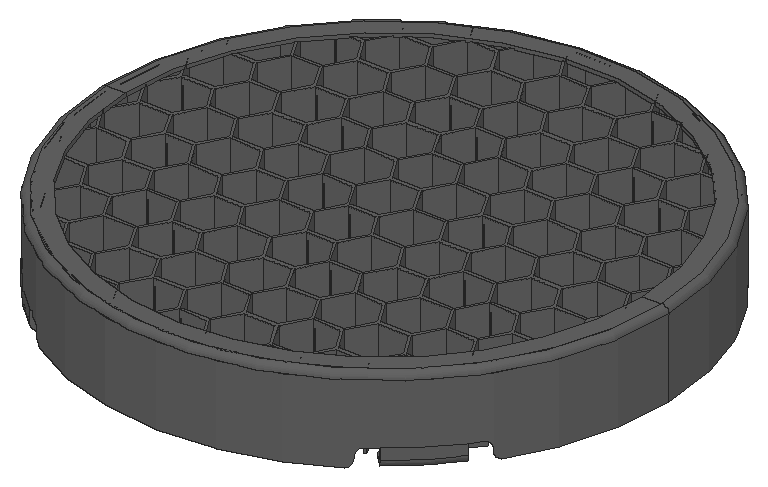
Revit family "STH20916", category Modelos genéricos, Revit 2023
Family settings
  Pode hospedar o vergalhão = Não
  Cota do conector redondo = Utilizar diâmetro
  Tipo de parte = Normal
  Com base no plano de trabalho = Não
  Sempre na vertical = Sim
  Corte com vazios quando carregada = Não
  Manter orientação da anotação = Não
  Compartilhado = Não
  Ponto de cálculo do ambiente = Não
Parameters (values of type "STH20916")
  URL = "https://stella.com.br/"
  Referência = "STH20916"
  Modelo = "Kit Grade"
  Fabricante = "Stella"
  Estrutura = Al - Preto
  Elevação padrão = 0.00 m
  Diâmetro = 0.0495 m
  Comentários de tipos = "Para Square MR16"
  Altura = 0.00745 m
Reference planes (m)
  plane 1 "Centro (Frente/Trás)": y = 0
  plane 2: z = 0
  plane 3 "Centro (Esquerda/Direita)": x = 0
  plane 4: x = 0.02475
  plane 5: x = -0.02475
  plane 6: y = 0.02475
  plane 7: y = -0.02475
  plane 8: z = 0.00745
Forms (m)
  Extrusion 1, solid, material "Al - Preto" <- "Estrutura"
    sketch origin (0, 0, 0) x (1, 0, 0) y (0, 1, 0)
      loop
        line (-0.0246, 0.0246) -> (-0.0246, -0.0246) -> (0.0246, -0.0246) -> (0.0246, 0.0246) -> (-0.0246, 0.0246)
    from 0.0009 to 0.00725
  Extrusion 2, void
    sketch origin (0, 0, 0) x (1, 0, 0) y (0, 1, 0)
      loop
        line (-0.001241, 0.00215) -> (-0.002483, 0) -> (-0.001241, -0.00215) -> (0.001241, -0.00215) -> (0.002483, 0) -> (0.001241, 0.00215) -> (-0.001241, 0.00215)
      loop
        line (-0.001386, 0.0023) -> (-0.002627, 0.00445) -> (-0.005346, 0.00445) -> (-0.006588, 0.0023) -> (-0.005346, 0.00015) -> (-0.002627, 0.00015) -> (-0.001386, 0.0023)
      loop
        line (-0.001241, 0.00675) -> (-0.002483, 0.0046) -> (-0.001241, 0.00245) -> (0.001241, 0.00245) -> (0.002483, 0.0046) -> (0.001241, 0.00675) -> (-0.001241, 0.00675)
      loop
        line (-0.009215, 0.00215) -> (-0.010456, 0) -> (-0.009215, -0.00215) -> (-0.006732, -0.00215) -> (-0.005491, 0) -> (-0.006732, 0.00215) -> (-0.009215, 0.00215)
      loop
        line (-0.009359, 0.0023) -> (-0.0106, 0.00445) -> (-0.013325, 0.00445) -> (-0.014567, 0.0023) -> (-0.013325, 0.00015) -> (-0.0106, 0.00015) -> (-0.009359, 0.0023)
      loop
        line (-0.009215, 0.00675) -> (-0.010456, 0.0046) -> (-0.009215, 0.00245) -> (-0.006732, 0.00245) -> (-0.005491, 0.0046) -> (-0.006732, 0.00675) -> (-0.009215, 0.00675)
      loop
        line (-0.014711, 0.00215) -> (-0.017193, 0.00215) -> (-0.018435, 0) -> (-0.017193, -0.00215) -> (-0.014711, -0.00215) -> (-0.01347, 0) -> (-0.014711, 0.00215)
      loop
        line (-0.017338, 0.0023) -> (-0.018579, 0.00445) -> (-0.021298, 0.00445) -> (-0.02254, 0.0023) -> (-0.021298, 0.00015) -> (-0.018579, 0.00015) -> (-0.017338, 0.0023)
      loop
        line (-0.014711, 0.00675) -> (-0.017193, 0.00675) -> (-0.018435, 0.0046) -> (-0.017193, 0.00245) -> (-0.014711, 0.00245) -> (-0.01347, 0.0046) -> (-0.014711, 0.00675)
      loop
        line (-0.022684, 0.00675) -> (-0.023677, 0.00245) -> (-0.022684, 0.00245) -> (-0.021443, 0.0046) -> (-0.022684, 0.00675)
      loop
        line (-0.009359, -0.0023) -> (-0.0106, -0.00015) -> (-0.013325, -0.00015) -> (-0.014567, -0.0023) -> (-0.013325, -0.00445) -> (-0.0106, -0.00445) -> (-0.009359, -0.0023)
      loop
        line (-0.009359, -0.0069) -> (-0.0106, -0.00475) -> (-0.013325, -0.00475) -> (-0.014567, -0.0069) -> (-0.013325, -0.00905) -> (-0.0106, -0.00905) -> (-0.009359, -0.0069)
      loop
        line (-0.009359, -0.0115) -> (-0.0106, -0.00935) -> (-0.013325, -0.00935) -> (-0.014567, -0.0115) -> (-0.013325, -0.01365) -> (-0.0106, -0.01365) -> (-0.009359, -0.0115)
      loop
        line (-0.009359, 0.0069) -> (-0.0106, 0.00905) -> (-0.013325, 0.00905) -> (-0.014567, 0.0069) -> (-0.013325, 0.00475) -> (-0.0106, 0.00475) -> (-0.009359, 0.0069)
      loop
        line (-0.014711, 0.00705) -> (-0.01347, 0.0092) -> (-0.014711, 0.01135) -> (-0.017193, 0.01135) -> (-0.018435, 0.0092) -> (-0.017193, 0.00705) -> (-0.014711, 0.00705)
      loop
        line (-0.009359, 0.0115) -> (-0.0106, 0.01365) -> (-0.013325, 0.01365) -> (-0.014567, 0.0115) -> (-0.013325, 0.00935) -> (-0.0106, 0.00935) -> (-0.009359, 0.0115)
      loop
        line (-0.014711, 0.01165) -> (-0.01347, 0.0138) -> (-0.014711, 0.01595) -> (-0.017193, 0.01595) -> (-0.018435, 0.0138) -> (-0.017193, 0.01165) -> (-0.014711, 0.01165)
      loop
        line (-0.009215, -0.00245) -> (-0.010456, -0.0046) -> (-0.009215, -0.00675) -> (-0.006732, -0.00675) -> (-0.005491, -0.0046) -> (-0.006732, -0.00245) -> (-0.009215, -0.00245)
      loop
        line (-0.009215, -0.00705) -> (-0.010456, -0.0092) -> (-0.009215, -0.01135) -> (-0.006732, -0.01135) -> (-0.005491, -0.0092) -> (-0.006732, -0.00705) -> (-0.009215, -0.00705)
      loop
        line (-0.009215, -0.01165) -> (-0.010456, -0.0138) -> (-0.009215, -0.01595) -> (-0.006732, -0.01595) -> (-0.005491, -0.0138) -> (-0.006732, -0.01165) -> (-0.009215, -0.01165)
      loop
        line (-0.009215, -0.01625) -> (-0.010456, -0.0184) -> (-0.009215, -0.02055) -> (-0.006732, -0.02055) -> (-0.005491, -0.0184) -> (-0.006732, -0.01625) -> (-0.009215, -0.01625)
      loop
        line (-0.009359, -0.0161) -> (-0.0106, -0.01395) -> (-0.013325, -0.01395) -> (-0.014567, -0.0161) -> (-0.013325, -0.01825) -> (-0.0106, -0.01825) -> (-0.009359, -0.0161)
      loop
        line (-0.022684, -0.00245) -> (-0.023677, -0.00245) -> (-0.022684, -0.00675) -> (-0.021443, -0.0046) -> (-0.022684, -0.00245)
      loop
        line (-0.014711, -0.00675) -> (-0.01347, -0.0046) -> (-0.014711, -0.00245) -> (-0.017193, -0.00245) -> (-0.018435, -0.0046) -> (-0.017193, -0.00675) -> (-0.014711, -0.00675)
      loop
        line (-0.014711, -0.00705) -> (-0.017193, -0.00705) -> (-0.018435, -0.0092) -> (-0.017193, -0.01135) -> (-0.014711, -0.01135) -> (-0.01347, -0.0092) -> (-0.014711, -0.00705)
      loop
        line (-0.017338, -0.0023) -> (-0.018579, -0.00015) -> (-0.021298, -0.00015) -> (-0.02254, -0.0023) -> (-0.021298, -0.00445) -> (-0.018579, -0.00445) -> (-0.017338, -0.0023)
      loop
        line (-0.022546, -0.0069) -> (-0.021304, -0.00905) -> (-0.018579, -0.00905) -> (-0.017338, -0.0069) -> (-0.018579, -0.00475) -> (-0.021304, -0.00475) -> (-0.022546, -0.0069)
      loop
        line (-0.014711, -0.01165) -> (-0.017193, -0.01165) -> (-0.018435, -0.0138) -> (-0.017193, -0.01595) -> (-0.014711, -0.01595) -> (-0.01347, -0.0138) -> (-0.014711, -0.01165)
      loop
        line (-0.022546, 0.0069) -> (-0.021304, 0.00475) -> (-0.018579, 0.00475) -> (-0.017338, 0.0069) -> (-0.018579, 0.00905) -> (-0.021304, 0.00905) -> (-0.022546, 0.0069)
      loop
        line (-0.006588, -0.0023) -> (-0.005346, -0.00445) -> (-0.002621, -0.00445) -> (-0.00138, -0.0023) -> (-0.002621, -0.00015) -> (-0.005346, -0.00015) -> (-0.006588, -0.0023)
      loop
        line (-0.006588, -0.0069) -> (-0.005346, -0.00905) -> (-0.002621, -0.00905) -> (-0.00138, -0.0069) -> (-0.002621, -0.00475) -> (-0.005346, -0.00475) -> (-0.006588, -0.0069)
      loop
        line (-0.006588, -0.0115) -> (-0.005346, -0.01365) -> (-0.002621, -0.01365) -> (-0.00138, -0.0115) -> (-0.002621, -0.00935) -> (-0.005346, -0.00935) -> (-0.006588, -0.0115)
      loop
        line (-0.006588, -0.0161) -> (-0.005346, -0.01825) -> (-0.002621, -0.01825) -> (-0.00138, -0.0161) -> (-0.002621, -0.01395) -> (-0.005346, -0.01395) -> (-0.006588, -0.0161)
      loop
        line (-0.006588, -0.0207) -> (-0.005346, -0.02285) -> (-0.002621, -0.02285) -> (-0.00138, -0.0207) -> (-0.002621, -0.01855) -> (-0.005346, -0.01855) -> (-0.006588, -0.0207)
      loop
        line (-0.006588, 0.0069) -> (-0.005346, 0.00475) -> (-0.002621, 0.00475) -> (-0.00138, 0.0069) -> (-0.002621, 0.00905) -> (-0.005346, 0.00905) -> (-0.006588, 0.0069)
      loop
        line (-0.006588, 0.0115) -> (-0.005346, 0.00935) -> (-0.002621, 0.00935) -> (-0.00138, 0.0115) -> (-0.002621, 0.01365) -> (-0.005346, 0.01365) -> (-0.006588, 0.0115)
      loop
        line (-0.006588, 0.0161) -> (-0.005346, 0.01395) -> (-0.002621, 0.01395) -> (-0.00138, 0.0161) -> (-0.002621, 0.01825) -> (-0.005346, 0.01825) -> (-0.006588, 0.0161)
      loop
        line (-0.006588, 0.0207) -> (-0.005346, 0.01855) -> (-0.002621, 0.01855) -> (-0.00138, 0.0207) -> (-0.002621, 0.02285) -> (-0.005346, 0.02285) -> (-0.006588, 0.0207)
      loop
        line (-0.009215, 0.00705) -> (-0.006732, 0.00705) -> (-0.005491, 0.0092) -> (-0.006732, 0.01135) -> (-0.009215, 0.01135) -> (-0.010456, 0.0092) -> (-0.009215, 0.00705)
      loop
        line (-0.009215, 0.01165) -> (-0.006732, 0.01165) -> (-0.005491, 0.0138) -> (-0.006732, 0.01595) -> (-0.009215, 0.01595) -> (-0.010456, 0.0138) -> (-0.009215, 0.01165)
      loop
        line (-0.009215, 0.01625) -> (-0.006732, 0.01625) -> (-0.005491, 0.0184) -> (-0.006732, 0.02055) -> (-0.009215, 0.02055) -> (-0.010456, 0.0184) -> (-0.009215, 0.01625)
      loop
        line (-0.009359, 0.0161) -> (-0.0106, 0.01825) -> (-0.013325, 0.01825) -> (-0.014567, 0.0161) -> (-0.013325, 0.01395) -> (-0.0106, 0.01395) -> (-0.009359, 0.0161)
      loop
        line (0.001386, 0.0023) -> (0.002627, 0.00015) -> (0.005346, 0.00015) -> (0.006588, 0.0023) -> (0.005346, 0.00445) -> (0.002627, 0.00445) -> (0.001386, 0.0023)
      loop
        line (0.009215, 0.00215) -> (0.006732, 0.00215) -> (0.005491, 0) -> (0.006732, -0.00215) -> (0.009215, -0.00215) -> (0.010456, 0) -> (0.009215, 0.00215)
      loop
        line (0.009359, 0.0023) -> (0.0106, 0.00015) -> (0.013325, 0.00015) -> (0.014567, 0.0023) -> (0.013325, 0.00445) -> (0.0106, 0.00445) -> (0.009359, 0.0023)
      loop
        line (0.009215, 0.00675) -> (0.006732, 0.00675) -> (0.005491, 0.0046) -> (0.006732, 0.00245) -> (0.009215, 0.00245) -> (0.010456, 0.0046) -> (0.009215, 0.00675)
      loop
        line (0.014711, 0.00215) -> (0.01347, 0) -> (0.014711, -0.00215) -> (0.017193, -0.00215) -> (0.018435, 0) -> (0.017193, 0.00215) -> (0.014711, 0.00215)
      loop
        line (0.017338, 0.0023) -> (0.018579, 0.00015) -> (0.021298, 0.00015) -> (0.02254, 0.0023) -> (0.021298, 0.00445) -> (0.018579, 0.00445) -> (0.017338, 0.0023)
      loop
        line (0.014711, 0.00675) -> (0.01347, 0.0046) -> (0.014711, 0.00245) -> (0.017193, 0.00245) -> (0.018435, 0.0046) -> (0.017193, 0.00675) -> (0.014711, 0.00675)
      loop
        line (0.022684, 0.00675) -> (0.021443, 0.0046) -> (0.022684, 0.00245) -> (0.023677, 0.00245) -> (0.022684, 0.00675)
      loop
        line (0.009359, -0.0023) -> (0.0106, -0.00445) -> (0.013325, -0.00445) -> (0.014567, -0.0023) -> (0.013325, -0.00015) -> (0.0106, -0.00015) -> (0.009359, -0.0023)
      loop
        line (0.009359, -0.0069) -> (0.0106, -0.00905) -> (0.013325, -0.00905) -> (0.014567, -0.0069) -> (0.013325, -0.00475) -> (0.0106, -0.00475) -> (0.009359, -0.0069)
      loop
        line (0.009359, -0.0115) -> (0.0106, -0.01365) -> (0.013325, -0.01365) -> (0.014567, -0.0115) -> (0.013325, -0.00935) -> (0.0106, -0.00935) -> (0.009359, -0.0115)
      loop
        line (0.009359, 0.0069) -> (0.0106, 0.00475) -> (0.013325, 0.00475) -> (0.014567, 0.0069) -> (0.013325, 0.00905) -> (0.0106, 0.00905) -> (0.009359, 0.0069)
      loop
        line (0.014711, 0.00705) -> (0.017193, 0.00705) -> (0.018435, 0.0092) -> (0.017193, 0.01135) -> (0.014711, 0.01135) -> (0.01347, 0.0092) -> (0.014711, 0.00705)
      loop
        line (0.009359, 0.0115) -> (0.0106, 0.00935) -> (0.013325, 0.00935) -> (0.014567, 0.0115) -> (0.013325, 0.01365) -> (0.0106, 0.01365) -> (0.009359, 0.0115)
      loop
        line (0.014711, 0.01165) -> (0.017193, 0.01165) -> (0.018435, 0.0138) -> (0.017193, 0.01595) -> (0.014711, 0.01595) -> (0.01347, 0.0138) -> (0.014711, 0.01165)
      loop
        line (0.009215, -0.00245) -> (0.006732, -0.00245) -> (0.005491, -0.0046) -> (0.006732, -0.00675) -> (0.009215, -0.00675) -> (0.010456, -0.0046) -> (0.009215, -0.00245)
      loop
        line (0.009215, -0.00705) -> (0.006732, -0.00705) -> (0.005491, -0.0092) -> (0.006732, -0.01135) -> (0.009215, -0.01135) -> (0.010456, -0.0092) -> (0.009215, -0.00705)
      loop
        line (0.009215, -0.01165) -> (0.006732, -0.01165) -> (0.005491, -0.0138) -> (0.006732, -0.01595) -> (0.009215, -0.01595) -> (0.010456, -0.0138) -> (0.009215, -0.01165)
      loop
        line (0.009215, -0.01625) -> (0.006732, -0.01625) -> (0.005491, -0.0184) -> (0.006732, -0.02055) -> (0.009215, -0.02055) -> (0.010456, -0.0184) -> (0.009215, -0.01625)
      loop
        line (0.009359, -0.0161) -> (0.0106, -0.01825) -> (0.013325, -0.01825) -> (0.014567, -0.0161) -> (0.013325, -0.01395) -> (0.0106, -0.01395) -> (0.009359, -0.0161)
      loop
        line (0.014711, -0.00675) -> (0.017193, -0.00675) -> (0.018435, -0.0046) -> (0.017193, -0.00245) -> (0.014711, -0.00245) -> (0.01347, -0.0046) -> (0.014711, -0.00675)
      loop
        line (0.014711, -0.00705) -> (0.01347, -0.0092) -> (0.014711, -0.01135) -> (0.017193, -0.01135) -> (0.018435, -0.0092) -> (0.017193, -0.00705) -> (0.014711, -0.00705)
      loop
        line (0.017338, -0.0023) -> (0.018579, -0.00445) -> (0.021298, -0.00445) -> (0.02254, -0.0023) -> (0.021298, -0.00015) -> (0.018579, -0.00015) -> (0.017338, -0.0023)
      loop
        line (0.022546, -0.0069) -> (0.021304, -0.00475) -> (0.018579, -0.00475) -> (0.017338, -0.0069) -> (0.018579, -0.00905) -> (0.021304, -0.00905) -> (0.022546, -0.0069)
      loop
        line (0.014711, -0.01165) -> (0.01347, -0.0138) -> (0.014711, -0.01595) -> (0.017193, -0.01595) -> (0.018435, -0.0138) -> (0.017193, -0.01165) -> (0.014711, -0.01165)
      loop
        line (0.022546, 0.0069) -> (0.021304, 0.00905) -> (0.018579, 0.00905) -> (0.017338, 0.0069) -> (0.018579, 0.00475) -> (0.021304, 0.00475) -> (0.022546, 0.0069)
      loop
        line (0.006588, -0.0023) -> (0.005346, -0.00015) -> (0.002621, -0.00015) -> (0.00138, -0.0023) -> (0.002621, -0.00445) -> (0.005346, -0.00445) -> (0.006588, -0.0023)
      loop
        line (0.006588, -0.0069) -> (0.005346, -0.00475) -> (0.002621, -0.00475) -> (0.00138, -0.0069) -> (0.002621, -0.00905) -> (0.005346, -0.00905) -> (0.006588, -0.0069)
      loop
        line (0.006588, -0.0115) -> (0.005346, -0.00935) -> (0.002621, -0.00935) -> (0.00138, -0.0115) -> (0.002621, -0.01365) -> (0.005346, -0.01365) -> (0.006588, -0.0115)
      loop
        line (0.006588, -0.0161) -> (0.005346, -0.01395) -> (0.002621, -0.01395) -> (0.00138, -0.0161) -> (0.002621, -0.01825) -> (0.005346, -0.01825) -> (0.006588, -0.0161)
      loop
        line (0.006588, -0.0207) -> (0.005346, -0.01855) -> (0.002621, -0.01855) -> (0.00138, -0.0207) -> (0.002621, -0.02285) -> (0.005346, -0.02285) -> (0.006588, -0.0207)
      loop
        line (0.006588, 0.0069) -> (0.005346, 0.00905) -> (0.002621, 0.00905) -> (0.00138, 0.0069) -> (0.002621, 0.00475) -> (0.005346, 0.00475) -> (0.006588, 0.0069)
      loop
        line (0.006588, 0.0115) -> (0.005346, 0.01365) -> (0.002621, 0.01365) -> (0.00138, 0.0115) -> (0.002621, 0.00935) -> (0.005346, 0.00935) -> (0.006588, 0.0115)
      loop
        line (0.006588, 0.0161) -> (0.005346, 0.01825) -> (0.002621, 0.01825) -> (0.00138, 0.0161) -> (0.002621, 0.01395) -> (0.005346, 0.01395) -> (0.006588, 0.0161)
      loop
        line (0.006588, 0.0207) -> (0.005346, 0.02285) -> (0.002621, 0.02285) -> (0.00138, 0.0207) -> (0.002621, 0.01855) -> (0.005346, 0.01855) -> (0.006588, 0.0207)
      loop
        line (0.009215, 0.00705) -> (0.010456, 0.0092) -> (0.009215, 0.01135) -> (0.006732, 0.01135) -> (0.005491, 0.0092) -> (0.006732, 0.00705) -> (0.009215, 0.00705)
      loop
        line (0.009215, 0.01165) -> (0.010456, 0.0138) -> (0.009215, 0.01595) -> (0.006732, 0.01595) -> (0.005491, 0.0138) -> (0.006732, 0.01165) -> (0.009215, 0.01165)
      loop
        line (0.009215, 0.01625) -> (0.010456, 0.0184) -> (0.009215, 0.02055) -> (0.006732, 0.02055) -> (0.005491, 0.0184) -> (0.006732, 0.01625) -> (0.009215, 0.01625)
      loop
        line (0.009359, 0.0161) -> (0.0106, 0.01395) -> (0.013325, 0.01395) -> (0.014567, 0.0161) -> (0.013325, 0.01825) -> (0.0106, 0.01825) -> (0.009359, 0.0161)
      loop
        line (0.001247, -0.00245) -> (-0.001236, -0.00245) -> (-0.002477, -0.0046) -> (-0.001236, -0.00675) -> (0.001247, -0.00675) -> (0.002488, -0.0046) -> (0.001247, -0.00245)
      loop
        line (0.001247, -0.00705) -> (-0.001236, -0.00705) -> (-0.002477, -0.0092) -> (-0.001236, -0.01135) -> (0.001247, -0.01135) -> (0.002488, -0.0092) -> (0.001247, -0.00705)
      loop
        line (0.001247, -0.01165) -> (-0.001236, -0.01165) -> (-0.002477, -0.0138) -> (-0.001236, -0.01595) -> (0.001247, -0.01595) -> (0.002488, -0.0138) -> (0.001247, -0.01165)
      loop
        line (0.001247, -0.01625) -> (-0.001236, -0.01625) -> (-0.002477, -0.0184) -> (-0.001236, -0.02055) -> (0.001247, -0.02055) -> (0.002488, -0.0184) -> (0.001247, -0.01625)
      loop
        line (0.001247, 0.00705) -> (0.002488, 0.0092) -> (0.001247, 0.01135) -> (-0.001236, 0.01135) -> (-0.002477, 0.0092) -> (-0.001236, 0.00705) -> (0.001247, 0.00705)
      loop
        line (0.001247, 0.01165) -> (0.002488, 0.0138) -> (0.001247, 0.01595) -> (-0.001236, 0.01595) -> (-0.002477, 0.0138) -> (-0.001236, 0.01165) -> (0.001247, 0.01165)
      loop
        line (0.001247, 0.01625) -> (0.002488, 0.0184) -> (0.001247, 0.02055) -> (-0.001236, 0.02055) -> (-0.002477, 0.0184) -> (-0.001236, 0.01625) -> (0.001247, 0.01625)
      loop
        line (-0.025167, 0.00215) -> (-0.026408, 0) -> (-0.025167, -0.00215) -> (-0.022684, -0.00215) -> (-0.021443, 0) -> (-0.022684, 0.00215) -> (-0.025167, 0.00215)
      loop
        line (0.025167, 0.00215) -> (0.022684, 0.00215) -> (0.021443, 0) -> (0.022684, -0.00215) -> (0.025167, -0.00215) -> (0.026408, 0) -> (0.025167, 0.00215)
      loop
        line (0.001247, 0.02515) -> (-0.001236, 0.02515) -> (-0.002477, 0.023) -> (-0.001236, 0.02085) -> (0.001247, 0.02085) -> (0.002488, 0.023) -> (0.001247, 0.02515)
      loop
        line (0.001247, -0.02515) -> (0.002488, -0.023) -> (0.001247, -0.02085) -> (-0.001236, -0.02085) -> (-0.002477, -0.023) -> (-0.001236, -0.02515) -> (0.001247, -0.02515)
      loop
        line (-0.022546, 0.0115) -> (-0.021304, 0.00935) -> (-0.018579, 0.00935) -> (-0.017338, 0.0115) -> (-0.018579, 0.01365) -> (-0.021304, 0.01365) -> (-0.022546, 0.0115)
      loop
        line (0.022557, 0.0115) -> (0.021316, 0.01365) -> (0.018591, 0.01365) -> (0.017349, 0.0115) -> (0.018591, 0.00935) -> (0.021316, 0.00935) -> (0.022557, 0.0115)
      loop
        line (-0.014711, 0.01625) -> (-0.01347, 0.0184) -> (-0.014711, 0.02055) -> (-0.017193, 0.02055) -> (-0.018435, 0.0184) -> (-0.017193, 0.01625) -> (-0.014711, 0.01625)
      loop
        line (0.014711, 0.01625) -> (0.017193, 0.01625) -> (0.018435, 0.0184) -> (0.017193, 0.02055) -> (0.014711, 0.02055) -> (0.01347, 0.0184) -> (0.014711, 0.01625)
      loop
        line (-0.009359, 0.0207) -> (-0.0106, 0.02285) -> (-0.013325, 0.02285) -> (-0.014567, 0.0207) -> (-0.013325, 0.01855) -> (-0.0106, 0.01855) -> (-0.009359, 0.0207)
      loop
        line (0.009359, 0.0207) -> (0.0106, 0.01855) -> (0.013325, 0.01855) -> (0.014567, 0.0207) -> (0.013325, 0.02285) -> (0.0106, 0.02285) -> (0.009359, 0.0207)
      loop
        line (0.009215, 0.02085) -> (0.010456, 0.023) -> (0.009215, 0.02515) -> (0.006732, 0.02515) -> (0.005491, 0.023) -> (0.006732, 0.02085) -> (0.009215, 0.02085)
      loop
        line (-0.009215, 0.02085) -> (-0.006732, 0.02085) -> (-0.005491, 0.023) -> (-0.006732, 0.02515) -> (-0.009215, 0.02515) -> (-0.010456, 0.023) -> (-0.009215, 0.02085)
      loop
        line (0.009215, -0.02085) -> (0.006732, -0.02085) -> (0.005491, -0.023) -> (0.006732, -0.02515) -> (0.009215, -0.02515) -> (0.010456, -0.023) -> (0.009215, -0.02085)
      loop
        line (-0.009215, -0.02085) -> (-0.010456, -0.023) -> (-0.009215, -0.02515) -> (-0.006732, -0.02515) -> (-0.005491, -0.023) -> (-0.006732, -0.02085) -> (-0.009215, -0.02085)
      loop
        line (0.014711, -0.01625) -> (0.01347, -0.0184) -> (0.014711, -0.02055) -> (0.017193, -0.02055) -> (0.018435, -0.0184) -> (0.017193, -0.01625) -> (0.014711, -0.01625)
      loop
        line (0.009359, -0.0207) -> (0.0106, -0.02285) -> (0.013325, -0.02285) -> (0.014567, -0.0207) -> (0.013325, -0.01855) -> (0.0106, -0.01855) -> (0.009359, -0.0207)
      loop
        line (-0.014711, -0.01625) -> (-0.017193, -0.01625) -> (-0.018435, -0.0184) -> (-0.017193, -0.02055) -> (-0.014711, -0.02055) -> (-0.01347, -0.0184) -> (-0.014711, -0.01625)
      loop
        line (-0.009359, -0.0207) -> (-0.0106, -0.01855) -> (-0.013325, -0.01855) -> (-0.014567, -0.0207) -> (-0.013325, -0.02285) -> (-0.0106, -0.02285) -> (-0.009359, -0.0207)
      loop
        line (0.022546, -0.0115) -> (0.021304, -0.00935) -> (0.018579, -0.00935) -> (0.017338, -0.0115) -> (0.018579, -0.01365) -> (0.021304, -0.01365) -> (0.022546, -0.0115)
      loop
        line (-0.022546, -0.0115) -> (-0.021304, -0.01365) -> (-0.018579, -0.01365) -> (-0.017338, -0.0115) -> (-0.018579, -0.00935) -> (-0.021304, -0.00935) -> (-0.022546, -0.0115)
    from 0.0006 to 0.00725
  Extrusion 3, void
    sketch origin (0, 0, 0) x (1, 0, 0) y (0, 1, 0)
      loop
        circle (0, 0) r 0.024161
      loop
        line (-0.0286, 0.0286) -> (-0.0286, -0.0286) -> (0.0286, -0.0286) -> (0.0286, 0.0286) -> (-0.0286, 0.0286)
    from 0 to 0.00725
  Revolve 4, solid, material "Al - Preto" <- "Estrutura"
    sketch origin (0, 0, 0) x (1, 0, 0) y (0, 0, 1)
      loop
        line (-0.02475, 0.0016) -> (-0.02475, 0.0006)
        arc (-0.02475, 0.0006) -> (-0.024574, 0.000176) -> (-0.02415, 0) r 0.0006
        line (-0.02415, 0) -> (-0.02255, 0) -> (-0.02255, 0.0016) -> (-0.02475, 0.0016)
      axis (0, 0.0016) -> (0, 0)
    angle from 0 to 360
  Revolve 5, void
    sketch origin (0, 0, 0) x (1, 0, 0) y (0, 0, 1)
      loop
        line (-0.02255, 0.00685) -> (-0.02445, 0.00685) -> (-0.02445, 0.000869)
        arc (-0.02445, 0.000869) -> (-0.024283, 0.000467) -> (-0.023881, 0.0003) r 0.000569
        line (-0.023881, 0.0003) -> (-0.02255, 0.0003) -> (-0.02255, 0.00685)
      axis (0, 0.00685) -> (0, 0.0003)
    angle from 0 to 360
  Extrusion 6, void
    sketch origin (0, 0, 0) x (1, 0, 0) y (0, 1, 0)
      loop
        arc (-0.013572, 0.017814) -> (-0.015835, 0.015835) -> (-0.017814, 0.013572) r 0.02245
        line (-0.017814, 0.013572) -> (-0.01987, 0.015627) -> (-0.025596, 0.015627) -> (-0.025596, -0.015627) -> (-0.01987, -0.015627) -> (-0.017814, -0.013572)
        arc (-0.017814, -0.013572) -> (-0.015835, -0.015835) -> (-0.013572, -0.017814) r 0.02245
        line (-0.013572, -0.017814) -> (-0.015627, -0.01987) -> (-0.015627, -0.025596) -> (0.015627, -0.025596) -> (0.015627, -0.01987) -> (0.013572, -0.017814)
        arc (0.013572, -0.017814) -> (0.015835, -0.015835) -> (0.017814, -0.013572) r 0.02245
        line (0.017814, -0.013572) -> (0.01987, -0.015627) -> (0.025596, -0.015627) -> (0.025596, 0.015627) -> (0.01987, 0.015627) -> (0.017814, 0.013572)
        arc (0.017814, 0.013572) -> (0.015835, 0.015835) -> (0.013572, 0.017814) r 0.02245
        line (0.013572, 0.017814) -> (0.015627, 0.01987) -> (0.015627, 0.025596) -> (-0.015627, 0.025596) -> (-0.015627, 0.01987) -> (-0.013572, 0.017814)
    from -0.000861 to 0.008
  Extrusion 7, void
    sketch origin (0, 0, 0) x (1, 0, 0) y (0, 1, 0)
      loop
        arc (-0.014123, 0.018366) -> (-0.013989, 0.017973) -> (-0.014123, 0.01758) r 0.000644
        line (-0.014123, 0.01758) -> (-0.013502, 0.016958) -> (-0.01257, 0.017958) -> (-0.013468, 0.018956) -> (-0.014123, 0.018366)
      loop
        line (-0.018366, 0.014123) -> (-0.018956, 0.013468) -> (-0.017958, 0.01257) -> (-0.016958, 0.013502) -> (-0.01758, 0.014123)
        arc (-0.01758, 0.014123) -> (-0.017973, 0.013989) -> (-0.018366, 0.014123) r 0.000644
      loop
        line (-0.014123, -0.018366) -> (-0.013468, -0.018956) -> (-0.01257, -0.017958) -> (-0.013502, -0.016958) -> (-0.014123, -0.01758)
        arc (-0.014123, -0.01758) -> (-0.013989, -0.017973) -> (-0.014123, -0.018366) r 0.000644
      loop
        arc (-0.018366, -0.014123) -> (-0.017973, -0.013989) -> (-0.01758, -0.014123) r 0.000644
        line (-0.01758, -0.014123) -> (-0.016958, -0.013502) -> (-0.017958, -0.01257) -> (-0.018956, -0.013468) -> (-0.018366, -0.014123)
      loop
        line (0.014123, 0.018366) -> (0.013468, 0.018956) -> (0.01257, 0.017958) -> (0.013502, 0.016958) -> (0.014123, 0.01758)
        arc (0.014123, 0.01758) -> (0.013989, 0.017973) -> (0.014123, 0.018366) r 0.000644
      loop
        arc (0.018366, 0.014123) -> (0.017973, 0.013989) -> (0.01758, 0.014123) r 0.000644
        line (0.01758, 0.014123) -> (0.016958, 0.013502) -> (0.017958, 0.01257) -> (0.018956, 0.013468) -> (0.018366, 0.014123)
      loop
        arc (0.014123, -0.018366) -> (0.013989, -0.017973) -> (0.014123, -0.01758) r 0.000644
        line (0.014123, -0.01758) -> (0.013502, -0.016958) -> (0.01257, -0.017958) -> (0.013468, -0.018956) -> (0.014123, -0.018366)
      loop
        line (0.018366, -0.014123) -> (0.018956, -0.013468) -> (0.017958, -0.01257) -> (0.016958, -0.013502) -> (0.01758, -0.014123)
        arc (0.01758, -0.014123) -> (0.017973, -0.013989) -> (0.018366, -0.014123) r 0.000644
    from -0.0009 to 0.008
  Revolve 8, solid, material "Al - Preto" <- "Estrutura"
    sketch origin (0, 0, 0) x (1, 0, 0) y (0, 0, 1)
      loop
        arc (-0.02415, 0.00745) -> (-0.024574, 0.007274) -> (-0.02475, 0.00685) r 0.0006
        line (-0.02475, 0.00685) -> (-0.02475, 0) -> (-0.02255, 0) -> (-0.02255, 0.00745) -> (-0.02415, 0.00745)
      axis (0, 0.00745) -> (0, 0)
    angle from 0 to 360
  Extrusion 9, void
    sketch origin (-0.010832, 0.012598, 0) x (-0.707107, -0.707107, 0) y (0, 0, -1)
      loop
        arc (-0.003551, -0.0008) -> (-0.003405, -0.001308) -> (-0.002964, -0.0016) r 0.000765
        line (-0.002964, -0.0016) -> (0.005462, -0.0016)
        arc (0.005462, -0.0016) -> (0.005903, -0.001308) -> (0.006049, -0.0008) r 0.000765
        arc (0.006049, -0.0008) -> (0.006189, -0.000298) -> (0.006618, 0) r 0.00077
        line (0.006618, 0) -> (-0.004119, 0)
        arc (-0.004119, 0) -> (-0.003691, -0.000298) -> (-0.003551, -0.0008) r 0.00077
    from -0.009791 to 0.044568
  Revolve 10, void
    sketch origin (0.1, 0, 0) x (1, 0, 0) y (0, 0, 1)
      loop
        line (-0.121709, 0.00715) -> (-0.12388, 0.00715)
        arc (-0.12388, 0.00715) -> (-0.124283, 0.006983) -> (-0.12445, 0.00658) r 0.00057
        line (-0.12445, 0.00658) -> (-0.12445, -0.000499) -> (-0.121709, -0.000499) -> (-0.121709, 0.00715)
      axis (-0.1, 0.00715) -> (-0.1, -0.000499)
    angle from 0 to 360
  Extrusion 11, void
    sketch origin (0.010832, 0.012598, 0) x (0.707107, -0.707107, 0) y (0, 0, 1)
      loop
        arc (-0.003551, 0.0008) -> (-0.003691, 0.000298) -> (-0.004119, 0) r 0.00077
        line (-0.004119, 0) -> (0.006618, 0)
        arc (0.006618, 0) -> (0.006189, 0.000298) -> (0.006049, 0.0008) r 0.00077
        arc (0.006049, 0.0008) -> (0.005903, 0.001308) -> (0.005462, 0.0016) r 0.000765
        line (0.005462, 0.0016) -> (-0.002964, 0.0016)
        arc (-0.002964, 0.0016) -> (-0.003405, 0.001308) -> (-0.003551, 0.0008) r 0.000765
    from -0.009791 to 0.044568
Cuts and joins
  Extrusion 2, Extrusion 3 cuts Extrusion 1
  Revolve 5, Extrusion 6, Extrusion 7 cuts Revolve 4
  Extrusion 9, Revolve 10, Extrusion 11 cuts Revolve 8
  joined: Revolve 4, Revolve 8
Dimensions and locks (m)
  "Diâmetro": plane 5 to plane 4
  "Altura": plane 8 to level
  aligned and locked: level to plane 2
Automatic sketch dimensions
  Extrusion 1 sketch curve to plane 5 = 0.00015 m
  plane 4 to Extrusion 1 sketch curve = 0.00015 m
  plane 7 to Extrusion 1 sketch curve = 0.00015 m
  Extrusion 1 sketch curve to plane 6 = 0.00015 m
  plane 1 "Centro (Frente/Trás)" to Extrusion 3 sketch curve = 0.00 m
  Extrusion 3 sketch curve to plane 3 "Centro (Esquerda/Direita)" = 0.00 m
  plane 5 to Extrusion 3 sketch curve = 0.00385 m
  Extrusion 3 sketch curve to plane 4 = 0.00385 m
  Extrusion 3 sketch curve to plane 7 = 0.00385 m
  plane 6 to Extrusion 3 sketch curve = 0.00385 m
  plane 5 to Revolve 4 sketch curve = 0.00 m
  Revolve 4 sketch curve to level = 0.00 m
  Revolve 4 sketch curve to plane 3 "Centro (Esquerda/Direita)" = 0.00 m
  level to Revolve 4 sketch curve = 0.0006 m
  Revolve 4 sketch curve to Revolve 4 sketch curve = 0.0016 m  (x2)
  Revolve 4 sketch curve to level = 0.001494 m
  Revolve 4 sketch curve to plane 8 = 0.001697 m
  Revolve 5 sketch curve to plane 3 "Centro (Esquerda/Direita)" = 0.00 m
  plane 8 to Revolve 5 sketch curve = 0.0006 m
  Revolve 5 sketch curve to plane 5 = 0.0022 m
  Revolve 5 sketch curve to plane 5 = 0.000869 m
  Revolve 5 sketch curve to plane 5 = 0.0003 m
  level to Revolve 5 sketch curve = 0.000869 m
  Revolve 5 sketch curve to level = 0.001399 m
  Revolve 5 sketch curve to plane 8 = 0.000589 m
  plane 5 to Extrusion 6 sketch curve = 0.000846 m
  Extrusion 6 sketch curve to plane 5 = 0.00488 m  (x2)
  Extrusion 6 sketch curve to Extrusion 6 sketch curve = 0.002055 m  (x16)
  Extrusion 6 sketch curve to Extrusion 6 sketch curve = 0.004243 m  (x4)
  Extrusion 6 sketch curve to plane 6 = 0.006936 m  (x2)
  plane 7 to Extrusion 6 sketch curve = 0.006936 m  (x2)
  Extrusion 6 sketch curve to plane 3 "Centro (Esquerda/Direita)" = 0.000039 m  (x2)
  plane 3 "Centro (Esquerda/Direita)" to Extrusion 6 sketch curve = 0.000039 m  (x2)
  plane 4 to Extrusion 6 sketch curve = 0.011178 m  (x2)
  Extrusion 6 sketch curve to plane 4 = 0.000846 m
  Extrusion 6 sketch curve to plane 7 = 0.000846 m
  plane 7 to Extrusion 6 sketch curve = 0.009123 m  (x2)
  plane 1 "Centro (Frente/Trás)" to Extrusion 6 sketch curve = 0.000039 m  (x2)
  plane 6 to Extrusion 6 sketch curve = 0.000846 m
  Extrusion 7 sketch curve to plane 5 = 0.005794 m  (x2)
  Extrusion 7 sketch curve to Extrusion 7 sketch curve = 0.00059 m  (x5)
  Extrusion 7 sketch curve to Extrusion 7 sketch curve = 0.000393 m  (x11)
  Extrusion 7 sketch curve to Extrusion 7 sketch curve = 0.000997 m  (x2)
  Extrusion 7 sketch curve to Extrusion 7 sketch curve = 0.000621 m  (x15)
  Extrusion 7 sketch curve to Extrusion 7 sketch curve = 0.003339 m  (x4)
  Extrusion 7 sketch curve to Extrusion 7 sketch curve = 0.000511 m  (x10)
  Extrusion 7 sketch curve to Extrusion 7 sketch curve = 0.000655 m  (x4)
  Extrusion 7 sketch curve to Extrusion 7 sketch curve = 0.000898 m  (x6)
  plane 4 to Extrusion 7 sketch curve = 0.01218 m  (x2)
  Extrusion 7 sketch curve to plane 6 = 0.005794 m
  plane 7 to Extrusion 7 sketch curve = 0.005794 m  (x2)
  Extrusion 7 sketch curve to Extrusion 7 sketch curve = 0.000932 m  (x2)
  Extrusion 7 sketch curve to plane 6 = 0.006384 m
  Extrusion 7 sketch curve to Extrusion 7 sketch curve = 0.00 m  (x2)
  plane 7 to Extrusion 7 sketch curve = 0.006384 m
  Extrusion 7 sketch curve to Extrusion 7 sketch curve = 0.003457 m  (x3)
  Extrusion 7 sketch curve to Extrusion 7 sketch curve = 0.001 m  (x4)
  Extrusion 7 sketch curve to Extrusion 7 sketch curve = 0.005796 m
  Extrusion 7 sketch curve to plane 6 = 0.01218 m
  Extrusion 7 sketch curve to Extrusion 7 sketch curve = 0.000786 m
  plane 5 to Revolve 8 sketch curve = 0.00 m
  Revolve 8 sketch curve to plane 8 = 0.00 m
  Revolve 8 sketch curve to level = 0.00 m
  Revolve 8 sketch curve to plane 3 "Centro (Esquerda/Direita)" = 0.00 m
  Revolve 8 sketch curve to plane 5 = 0.0006 m
  Revolve 8 sketch curve to Revolve 8 sketch curve = 0.0022 m
  Revolve 8 sketch curve to level = 0.001494 m
  Revolve 8 sketch curve to plane 8 = 0.001697 m
  Extrusion 9 sketch curve to level = 0.00 m
  level to Extrusion 9 sketch curve = 0.000744 m  (x2)
  Extrusion 9 sketch curve to Extrusion 9 sketch curve = 0.000199 m  (x2)
  Extrusion 9 sketch curve to Extrusion 9 sketch curve = 0.001355 m
  Extrusion 9 sketch curve to Extrusion 9 sketch curve = 0.000176 m  (x2)
  level to Extrusion 9 sketch curve = 0.000856 m
  Extrusion 9 sketch curve to Extrusion 9 sketch curve = 0.008075 m
  Extrusion 9 sketch curve to Extrusion 9 sketch curve = 0.001331 m
  level to Extrusion 9 sketch curve = 0.0016 m
  Extrusion 9 sketch curve to Extrusion 9 sketch curve = 0.000744 m
  Revolve 10 sketch curve to plane 3 "Centro (Esquerda/Direita)" = 0.00 m
  plane 8 to Revolve 10 sketch curve = 0.0003 m
  Revolve 10 sketch curve to plane 5 = 0.003041 m
  Revolve 10 sketch curve to plane 5 = 0.00087 m
  Revolve 10 sketch curve to plane 5 = 0.0003 m
  Revolve 10 sketch curve to level = 0.000499 m
  Revolve 10 sketch curve to level = 0.001399 m
  Revolve 10 sketch curve to plane 8 = 0.000589 m
  Extrusion 11 sketch curve to level = 0.00 m
  level to Extrusion 11 sketch curve = 0.000744 m  (x2)
  Extrusion 11 sketch curve to Extrusion 11 sketch curve = 0.000199 m  (x2)
  Extrusion 11 sketch curve to Extrusion 11 sketch curve = 0.001355 m
  Extrusion 11 sketch curve to Extrusion 11 sketch curve = 0.000176 m  (x2)
  level to Extrusion 11 sketch curve = 0.000856 m  (x2)
  Extrusion 11 sketch curve to Extrusion 11 sketch curve = 0.008075 m
  Extrusion 11 sketch curve to Extrusion 11 sketch curve = 0.001331 m
  Extrusion 11 sketch curve to Extrusion 11 sketch curve = 0.000744 m
  plane 1 "Centro (Frente/Trás)" to Extrusion 2 sketch curve = 0.00 m  (x14)
  plane 5 to Extrusion 2 sketch curve = 0.001658 m
  plane 5 to Extrusion 2 sketch curve = 0.000417 m  (x2)
  Extrusion 2 sketch curve to plane 5 = 0.001073 m  (x2)
  Extrusion 2 sketch curve to Extrusion 2 sketch curve = 0.000993 m  (x3)
  Extrusion 2 sketch curve to Extrusion 2 sketch curve = 0.00 m  (x91)
  Extrusion 2 sketch curve to plane 5 = 0.002066 m  (x2)
  Extrusion 2 sketch curve to plane 5 = 0.002204 m  (x2)
  Extrusion 2 sketch curve to Extrusion 2 sketch curve = 0.000139 m  (x12)
  Extrusion 2 sketch curve to Extrusion 2 sketch curve = 0.000144 m  (x253)
  Extrusion 2 sketch curve to Extrusion 2 sketch curve = 0.001241 m  (x104)
  Extrusion 2 sketch curve to Extrusion 2 sketch curve = 0.002725 m  (x41)
  Extrusion 2 sketch curve to Extrusion 2 sketch curve = 0.002719 m  (x6)
  plane 1 "Centro (Frente/Trás)" to Extrusion 2 sketch curve = 0.00015 m  (x6)
  Extrusion 2 sketch curve to plane 1 "Centro (Frente/Trás)" = 0.00015 m  (x6)
  plane 1 "Centro (Frente/Trás)" to Extrusion 2 sketch curve = 0.0023 m  (x9)
  Extrusion 2 sketch curve to plane 1 "Centro (Frente/Trás)" = 0.0023 m  (x8)
  plane 1 "Centro (Frente/Trás)" to Extrusion 2 sketch curve = 0.00245 m  (x4)
  plane 1 "Centro (Frente/Trás)" to Extrusion 2 sketch curve = 0.00215 m  (x4)
  Extrusion 2 sketch curve to Extrusion 2 sketch curve = 0.002483 m  (x44)
  Extrusion 2 sketch curve to plane 6 = 0.0042 m  (x3)
  Extrusion 2 sketch curve to plane 1 "Centro (Frente/Trás)" = 0.00215 m  (x7)
  plane 7 to Extrusion 2 sketch curve = 0.00405 m  (x4)
  Extrusion 2 sketch curve to plane 6 = 0.00405 m  (x4)
  Extrusion 2 sketch curve to plane 1 "Centro (Frente/Trás)" = 0.0046 m  (x4)
  plane 1 "Centro (Frente/Trás)" to Extrusion 2 sketch curve = 0.0046 m  (x4)
  Extrusion 2 sketch curve to plane 1 "Centro (Frente/Trás)" = 0.00445 m  (x2)
  plane 1 "Centro (Frente/Trás)" to Extrusion 2 sketch curve = 0.00445 m  (x2)
  plane 1 "Centro (Frente/Trás)" to Extrusion 2 sketch curve = 0.00475 m  (x2)
  Extrusion 2 sketch curve to plane 6 = 0.0019 m  (x4)
  plane 7 to Extrusion 2 sketch curve = 0.0019 m  (x2)
  Extrusion 2 sketch curve to plane 1 "Centro (Frente/Trás)" = 0.00475 m  (x2)
  plane 7 to Extrusion 2 sketch curve = 0.00175 m  (x5)
  Extrusion 2 sketch curve to plane 6 = 0.00175 m  (x4)
  Extrusion 2 sketch curve to plane 7 = 0.0004 m  (x3)
  plane 7 to Extrusion 2 sketch curve = 0.0039 m  (x2)
  plane 6 to Extrusion 2 sketch curve = 0.0004 m  (x3)
  Extrusion 2 sketch curve to plane 1 "Centro (Frente/Trás)" = 0.00245 m  (x2)
  plane 7 to Extrusion 2 sketch curve = 0.0042 m  (x3)
  Extrusion 2 sketch curve to plane 3 "Centro (Esquerda/Direita)" = 0.002627 m  (x2)
  Extrusion 2 sketch curve to plane 3 "Centro (Esquerda/Direita)" = 0.002621 m  (x9)
  Extrusion 2 sketch curve to Extrusion 2 sketch curve = 0.000006 m  (x6)
  Extrusion 2 sketch curve to plane 3 "Centro (Esquerda/Direita)" = 0.001386 m
  Extrusion 2 sketch curve to plane 3 "Centro (Esquerda/Direita)" = 0.00138 m  (x9)
  Extrusion 2 sketch curve to plane 3 "Centro (Esquerda/Direita)" = 0.001236 m  (x2)
  plane 3 "Centro (Esquerda/Direita)" to Extrusion 2 sketch curve = 0.001241 m  (x3)
  plane 3 "Centro (Esquerda/Direita)" to Extrusion 2 sketch curve = 0.001247 m  (x9)
  Extrusion 2 sketch curve to Extrusion 2 sketch curve = 0.000133 m  (x25)
  Extrusion 2 sketch curve to plane 6 = 0.0039 m
  Extrusion 2 sketch curve to Extrusion 2 sketch curve = 0.000156 m  (x3)
  Extrusion 2 sketch curve to Extrusion 2 sketch curve = 0.000012 m
  plane 4 to Extrusion 2 sketch curve = 0.00221 m  (x2)
  plane 4 to Extrusion 2 sketch curve = 0.002204 m  (x3)
  plane 4 to Extrusion 2 sketch curve = 0.002193 m
  Extrusion 2 sketch curve to plane 4 = 0.000417 m  (x2)
  Extrusion 2 sketch curve to plane 4 = 0.001658 m
  Extrusion 2 sketch curve to Extrusion 2 sketch curve = 0.00015 m  (x223)
  Extrusion 2 sketch curve to Extrusion 2 sketch curve = 0.002 m  (x65)
  Extrusion 2 sketch curve to Extrusion 2 sketch curve = 0.00215 m  (x21)
  Extrusion 2 sketch curve to Extrusion 2 sketch curve = 0.0003 m  (x6)
  radius of Extrusion 3 sketch curve = 0.024161 m
